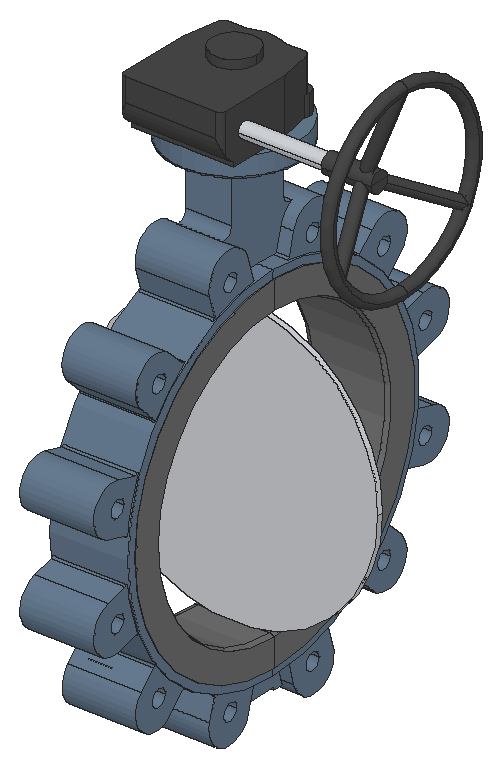
Revit family "Запорно-регулирующая заслонка с ручным редукторным приводом AF-4219", category Rohrzubehör, Revit 2021
Family settings
  Bemaßung runder Anschluss = Durchmesser verwenden
  Teiletyp = Unterbricht
  OmniClass-Nummer = 23.65.55.14
  OmniClass-Titel = Valves for Liquid Services
  Arbeitsebenenbasiert = Nein
  Immer vertikal = Ja
  Beim Laden mit Abzugskörper schneiden = Nein
  Gemeinsam genutzt = Nein
Parameters
  Шпиндель = "Нержавеющая сталь ASTM-A276 / Type 316"  # constant formula
  Фланцевое соединение = "В соответствии с EN1092-2"  # constant formula
  Уплотнение корпуса = "EPDM в соответствии с ISO 1691"  # constant formula
  Среда = "Качество теплоносителя в соответствии с ÖNORM H5195 и/или предписаниями VDI 2035.\r\nРазрешается использование смеси этилен или пропиленгликоля в соотношении 25-50% с водой."
  Область применения = "Применяются в системах тепло- и холодоснабжения."
  Номер заказа [instance] = size_lookup("4219_AF_G", "Artnr", 421911, Nennweite)  # 1421979
  Макс. рабочая температура = 110 °C  # constant formula
  Крутящий момент в Нм [instance] = size_lookup("4219_AF_G", "Nm", 20, Nennweite)  # 350
  Корпус = "Чугун GGG, GJS-400-15/JS1030, в соответствии с EN1563"  # constant formula
  Диск = "Нержавеющая сталь 1.4408"  # constant formula
  Вес [instance] = size_lookup("4219_AF_G", "Gewicht", 3.8, Nennweite)  # 37.6
  Болты [instance] = if(Nennweite = 50 mm, "4x M16x35", if(Nennweite = 65 mm, "4x M16x35", if(Nennweite = 80 mm, "8x M16x35", if(Nennweite = 100 mm, "8x M16x40", if(Nennweite = 125 mm, "8x M16x40", if(Nennweite = 150 mm, "8x M20x40", if(Nennweite = 200 mm, "12x M20x45", if(Nennweite = 250 mm, "12x M24x45", "12x M24x45"))))))))  # "12x M24x45"
  Vorgabe-Ansicht = 0 mm
  URL = "www.herz-armaturen.ru"
  SCTWSEQ = "FW;SBT_TYP_FW=\"101\";2"
  SCTWCODE = "04;07;02"  # constant formula
  SCRNSEQ = "ARM;ARM_TYP=\"ALLF\";2"
  SCRNCODE = "05;13;02"  # constant formula
  R99 = 1.5 mm  # constant formula
  PN [instance] = size_lookup("4219_AF_G", "PN", 16, Nennweite)  # 10
  O-Ring = "EPDM в соответствии с ISO 1691"  # constant formula
  Мин. рабочая температура = "-20.00 °C при соответствующей водно-гликолевой смеси"  # constant formula
  L04 [instance] = L01 - 3.5 mm  # 35.5 mm
  L03 [instance] = L01 + 1.5 mm  # 40.5 mm
  L02 [instance] = size_lookup("4219_AF_G", "L2", 14.5 mm, Nennweite)  # 30.5 mm
  L01 [instance] = size_lookup("4219_AF_G", "L1", 21.5 mm, Nennweite)  # 39 mm
  R01 [instance] = size_lookup("4219_AF_G", "R1", 44 mm, Nennweite)  # 65 mm
  Nennweite [instance] = 300 mm
  Hersteller = "HERZ Armaturen Ges.m.b.H."  # constant formula
  H02 [instance] = size_lookup("4219_AF_G", "H2", 13 mm, Nennweite)  # 20 mm
  H01 [instance] = size_lookup("4219_AF_G", "H1", 125 mm, Nennweite)  # 308 mm
  DN80 [instance] = Nennweite = 80 mm  # no
  DN65 [instance] = Nennweite = 65 mm  # no
  DN50 [instance] = Nennweite = 50 mm  # no
  DN300 [instance] = Nennweite = 300 mm  # yes
  DN250 [instance] = Nennweite = 250 mm  # no
  DN200 [instance] = Nennweite = 200 mm  # no
  DN150 [instance] = Nennweite = 150 mm  # no
  DN125 [instance] = Nennweite = 125 mm  # no
  DN100 [instance] = Nennweite = 100 mm  # no
  D06 [instance] = size_lookup("4219_AF_G", "D6", 25.3 mm, Nennweite)  # 146.5 mm
  D05 [instance] = size_lookup("4219_AF_G", "D5", 24.5 mm, Nennweite)  # 145 mm
  D04 [instance] = D05 + 2 mm  # 147 mm
  D03 [instance] = size_lookup("4219_AF_G", "D3", 35.5 mm, Nennweite)  # 167.5 mm
  D02 [instance] = size_lookup("4219_AF_G", "D2", 41 mm, Nennweite)  # 175 mm
  D01 [instance] = size_lookup("4219_AF_G", "D1", 47 mm, Nennweite)  # 183 mm
Reference planes
  plane 1 "Mitte (Vorne/hinten)": y = 0
  plane 2: z = 0
  plane 3 "Mitte (Links/rechts)": x = 0
Forms (mm)
  Revolve 1, solid, material "Herz-Metall-blau", detail levels fine
    sketch origin (0, 0, 0) x (1, 0, 0) y (0, 0, 1)
      loop
        line (-30.5, 175) -> (-30.5, 167.5) -> (30.5, 167.5) -> (30.5, 175) -> (39, 175) -> (39, 183) -> (-39, 183) -> (-39, 175) -> (-30.5, 175)
      axis (-39, 0) -> (39, 0)
    angle from 0 to 360
  Revolve 2, solid, material "Herz-Metall-blau", detail levels fine
    sketch origin (0, 0, 0) x (1, 0, 0) y (0, 0, 1)
      loop
        line (-65, 308) -> (-65, 289.463)
        arc (-65, 289.463) -> (-64.673, 288.527) -> (-63.833, 288) r 1.5
        line (-63.833, 288) -> (0, 288) -> (0, 308) -> (-65, 308)
      axis (0, 308) -> (0, 288)
    angle from 0 to 360
  Extrusion 3, solid, material "Herz-Metall-blau", visible <- "DN50", detail levels fine
    sketch origin (0, 0, 0) x (0, 1, 0) y (0, 0, 1)
      loop
        line (56.215, -32.173) -> (43.95, -19.909)
        arc (43.95, -19.909) -> (43.387, -18.793) -> (43.596, -17.56) r 2
        arc (43.596, -17.56) -> (33.234, -33.234) -> (17.56, -43.596) r 47
        arc (17.56, -43.596) -> (18.793, -43.387) -> (19.909, -43.95) r 2
        line (19.909, -43.95) -> (32.173, -56.215)
        arc (32.173, -56.215) -> (56.215, -56.215) -> (56.215, -32.173) r 17
      loop
        arc (-56.215, -32.173) -> (-56.215, -56.215) -> (-32.173, -56.215) r 17
        line (-32.173, -56.215) -> (-19.909, -43.95)
        arc (-19.909, -43.95) -> (-18.793, -43.387) -> (-17.56, -43.596) r 2
        arc (-17.56, -43.596) -> (-33.234, -33.234) -> (-43.596, -17.56) r 47
        arc (-43.596, -17.56) -> (-43.387, -18.793) -> (-43.95, -19.909) r 2
        line (-43.95, -19.909) -> (-56.215, -32.173)
      loop
        arc (56.215, 32.173) -> (56.215, 56.215) -> (32.173, 56.215) r 17
        line (32.173, 56.215) -> (19.909, 43.95)
        arc (19.909, 43.95) -> (18.793, 43.387) -> (17.56, 43.596) r 2
        arc (17.56, 43.596) -> (33.234, 33.234) -> (43.596, 17.56) r 47
        arc (43.596, 17.56) -> (43.387, 18.793) -> (43.95, 19.909) r 2
        line (43.95, 19.909) -> (56.215, 32.173)
      loop
        line (-56.215, 32.173) -> (-43.95, 19.909)
        arc (-43.95, 19.909) -> (-43.387, 18.793) -> (-43.596, 17.56) r 2
        arc (-43.596, 17.56) -> (-33.234, 33.234) -> (-17.56, 43.596) r 47
        arc (-17.56, 43.596) -> (-18.793, 43.387) -> (-19.909, 43.95) r 2
        line (-19.909, 43.95) -> (-32.173, 56.215)
        arc (-32.173, 56.215) -> (-56.215, 56.215) -> (-56.215, 32.173) r 17
      loop
        circle (-44.194, 44.194) r 6.92
      loop
        circle (44.194, 44.194) r 6.92
      loop
        circle (44.194, -44.194) r 6.92
      loop
        circle (-44.194, -44.194) r 6.92
    from -19.5 to 19.5
  Extrusion 4, solid, material "Herz-Metall-blau", visible <- "DN50", detail levels fine
    sketch origin (0, 0, 0) x (0, 1, 0) y (0, 0, 1)
      loop
        line (20, 74.845) -> (20, 112) -> (-20, 112) -> (-20, 74.845)
        arc (-20, 74.845) -> (-26.046, 62.811) -> (-39.31, 60.477) r 15
        arc (-39.31, 60.477) -> (-35.477, 58.789) -> (-32.173, 56.215) r 17
        line (-32.173, 56.215) -> (-19.909, 43.95)
        arc (-19.909, 43.95) -> (-18.793, 43.387) -> (-17.56, 43.596) r 2
        arc (-17.56, 43.596) -> (0, 47) -> (17.56, 43.596) r 47
        arc (17.56, 43.596) -> (18.793, 43.387) -> (19.909, 43.95) r 2
        line (19.909, 43.95) -> (32.173, 56.215)
        arc (32.173, 56.215) -> (35.477, 58.789) -> (39.31, 60.477) r 17
        arc (39.31, 60.477) -> (26.046, 62.811) -> (20, 74.845) r 15
    from -15 to 15
  Extrusion 5, solid, material "Herz-Metall-blau", visible <- "DN50"
    sketch origin (0, 0, 0) x (0, 1, 0) y (0, 0, 1)
      loop
        arc (33.834, -58) -> (34.246, -58.062) -> (34.622, -58.243) r 1.4
        arc (34.622, -58.243) -> (33.35, -57.286) -> (32.173, -56.215) r 17
        line (32.173, -56.215) -> (19.909, -43.95)
        arc (19.909, -43.95) -> (18.793, -43.387) -> (17.56, -43.596) r 2
        arc (17.56, -43.596) -> (0, -47) -> (-17.56, -43.596) r 47
        arc (-17.56, -43.596) -> (-18.793, -43.387) -> (-19.909, -43.95) r 2
        line (-19.909, -43.95) -> (-32.173, -56.215)
        arc (-32.173, -56.215) -> (-33.35, -57.286) -> (-34.622, -58.243) r 17
        arc (-34.622, -58.243) -> (-34.246, -58.062) -> (-33.834, -58) r 1.4
        line (-33.834, -58) -> (-16.963, -58)
        arc (-16.963, -58) -> (-15.575, -58.575) -> (-15, -59.963) r 1.963
        line (-15, -59.963) -> (-15, -61) -> (15, -61) -> (15, -59.963)
        arc (15, -59.963) -> (15.575, -58.575) -> (16.963, -58) r 1.963
        line (16.963, -58) -> (33.834, -58)
    from -15 to 15
  Revolve 6, solid, material "Gummi", detail levels fine
    sketch origin (-134.5, 0, 0) x (1, 0, 0) y (0, 0, 1)
      loop
        line (94, 175) -> (94, 147) -> (99, 145) -> (170, 145) -> (175, 147) -> (175, 175) -> (165, 175) -> (165, 167.5) -> (104, 167.5) -> (104, 175) -> (94, 175)
      axis (94, 0) -> (175, 0)
    angle from 0 to 360
  Extrusion 7, solid, detail levels fine
    sketch origin (0, 0, 0) x (1, 0, 0) y (0, 0, 1)
      loop
        circle (0, 0) r 146.5
    from -2.5 to 2.5
  Extrusion 8, solid, material "Herz-Metall-blau", visible <- "DN65", detail levels fine
    sketch origin (0, -300, 0) x (0, 1, 0) y (0, 0, 1)
      loop
        circle (351.265, 51.265) r 6.92
      loop
        arc (363.286, 39.244) -> (363.286, 63.286) -> (339.244, 63.286) r 17
        line (339.244, 63.286) -> (328.595, 52.636)
        arc (328.595, 52.636) -> (327.499, 52.076) -> (326.282, 52.264) r 2
        arc (326.282, 52.264) -> (341.366, 41.366) -> (352.264, 26.282) r 58.501
        arc (352.264, 26.282) -> (352.087, 27.51) -> (352.656, 28.614) r 2.038
        line (352.656, 28.614) -> (363.286, 39.244)
      loop
        circle (351.265, -51.265) r 6.92
      loop
        line (363.286, -39.244) -> (352.656, -28.614)
        arc (352.656, -28.614) -> (352.087, -27.51) -> (352.264, -26.282) r 2.038
        arc (352.264, -26.282) -> (341.366, -41.366) -> (326.282, -52.264) r 58.501
        arc (326.282, -52.264) -> (327.499, -52.076) -> (328.595, -52.636) r 2
        line (328.595, -52.636) -> (339.244, -63.286)
        arc (339.244, -63.286) -> (363.286, -63.286) -> (363.286, -39.244) r 17
      loop
        circle (248.735, 51.265) r 6.92
      loop
        line (236.714, 39.244) -> (247.344, 28.614)
        arc (247.344, 28.614) -> (247.913, 27.51) -> (247.736, 26.282) r 2.038
        arc (247.736, 26.282) -> (258.634, 41.366) -> (273.718, 52.264) r 58.501
        arc (273.718, 52.264) -> (272.501, 52.076) -> (271.405, 52.636) r 2
        line (271.405, 52.636) -> (260.756, 63.286)
        arc (260.756, 63.286) -> (236.714, 63.286) -> (236.714, 39.244) r 17
      loop
        circle (248.735, -51.265) r 6.92
      loop
        arc (236.714, -39.244) -> (236.714, -63.286) -> (260.756, -63.286) r 17
        line (260.756, -63.286) -> (271.405, -52.636)
        arc (271.405, -52.636) -> (272.501, -52.076) -> (273.718, -52.264) r 2
        arc (273.718, -52.264) -> (258.634, -41.366) -> (247.736, -26.282) r 58.501
        arc (247.736, -26.282) -> (247.913, -27.51) -> (247.344, -28.614) r 2.038
        line (247.344, -28.614) -> (236.714, -39.244)
    from -21 to 21
  Extrusion 9, solid, material "Herz-Metall-blau", visible <- "DN65", detail levels fine
    sketch origin (0, -300, 0) x (0, 1, 0) y (0, 0, 1)
      loop
        line (278, 136.5) -> (278, 78.286)
        arc (278, 78.286) -> (272.889, 69.099) -> (263, 65.53) r 14.984
        line (263, 65.53) -> (257.982, 65.53)
        arc (257.982, 65.53) -> (259.428, 64.481) -> (260.756, 63.286) r 17
        line (260.756, 63.286) -> (271.405, 52.636)
        arc (271.405, 52.636) -> (272.501, 52.076) -> (273.718, 52.264) r 2
        arc (273.718, 52.264) -> (300, 58.5) -> (326.282, 52.264) r 58.5
        arc (326.282, 52.264) -> (327.499, 52.076) -> (328.595, 52.636) r 2
        line (328.595, 52.636) -> (339.244, 63.286)
        arc (339.244, 63.286) -> (340.572, 64.481) -> (342.018, 65.53) r 17
        line (342.018, 65.53) -> (337, 65.53)
        arc (337, 65.53) -> (327.111, 69.099) -> (322, 78.286) r 14.984
        line (322, 78.286) -> (322, 136.5) -> (278, 136.5)
      loop
        arc (260.756, -63.286) -> (259.428, -64.481) -> (257.982, -65.53) r 17
        line (257.982, -65.53) -> (280.029, -65.53)
        arc (280.029, -65.53) -> (281.423, -66.108) -> (282, -67.501) r 1.971
        line (282, -67.501) -> (282, -74) -> (318, -74) -> (318, -67.527)
        arc (318, -67.527) -> (318.585, -66.115) -> (319.997, -65.53) r 1.997
        line (319.997, -65.53) -> (342.018, -65.53)
        arc (342.018, -65.53) -> (340.572, -64.481) -> (339.244, -63.286) r 17
        line (339.244, -63.286) -> (328.595, -52.636)
        arc (328.595, -52.636) -> (327.499, -52.076) -> (326.282, -52.264) r 2
        arc (326.282, -52.264) -> (300, -58.5) -> (273.718, -52.264) r 58.5
        arc (273.718, -52.264) -> (272.501, -52.076) -> (271.405, -52.636) r 2
        line (271.405, -52.636) -> (260.756, -63.286)
    from -18 to 18
  Extrusion 10, solid, material "Herz-Metall-blau", visible <- "DN80", detail levels fine
    sketch origin (0, -300, 0) x (0, 1, 0) y (0, 0, 1)
      loop
        circle (269.385, 73.91) r 6.92
      loop
        arc (285.091, 80.416) -> (262.88, 89.616) -> (253.679, 67.405) r 17
        line (253.679, 67.405) -> (259.513, 53.322)
        arc (259.513, 53.322) -> (259.602, 52.073) -> (258.924, 51.02) r 1.982
        arc (258.924, 51.02) -> (274.934, 60.514) -> (292.968, 65.121) r 65.5
        arc (292.968, 65.121) -> (291.745, 65.388) -> (290.924, 66.335) r 1.984
        line (290.924, 66.335) -> (285.091, 80.416)
      loop
        circle (226.09, 30.615) r 6.92
      loop
        line (219.584, 14.909) -> (233.665, 9.076)
        arc (233.665, 9.076) -> (234.612, 8.255) -> (234.879, 7.032) r 1.984
        arc (234.879, 7.032) -> (239.486, 25.066) -> (248.98, 41.076) r 65.5
        arc (248.98, 41.076) -> (247.927, 40.398) -> (246.678, 40.487) r 1.982
        line (246.678, 40.487) -> (232.595, 46.321)
        arc (232.595, 46.321) -> (210.384, 37.12) -> (219.584, 14.909) r 17
      loop
        circle (269.385, -73.91) r 6.92
      loop
        line (285.091, -80.416) -> (290.924, -66.335)
        arc (290.924, -66.335) -> (291.745, -65.388) -> (292.968, -65.121) r 1.984
        arc (292.968, -65.121) -> (274.934, -60.514) -> (258.924, -51.02) r 65.5
        arc (258.924, -51.02) -> (259.602, -52.073) -> (259.513, -53.322) r 1.982
        line (259.513, -53.322) -> (253.679, -67.405)
        arc (253.679, -67.405) -> (262.88, -89.616) -> (285.091, -80.416) r 17
      loop
        circle (226.09, -30.615) r 6.92
      loop
        arc (219.584, -14.909) -> (210.384, -37.12) -> (232.595, -46.321) r 17
        line (232.595, -46.321) -> (246.678, -40.487)
        arc (246.678, -40.487) -> (247.927, -40.398) -> (248.98, -41.076) r 1.982
        arc (248.98, -41.076) -> (239.486, -25.066) -> (234.879, -7.032) r 65.5
        arc (234.879, -7.032) -> (234.612, -8.255) -> (233.665, -9.076) r 1.984
        line (233.665, -9.076) -> (219.584, -14.909)
      loop
        circle (330.615, 73.91) r 6.92
      loop
        line (314.909, 80.416) -> (309.076, 66.335)
        arc (309.076, 66.335) -> (308.255, 65.388) -> (307.032, 65.121) r 1.984
        arc (307.032, 65.121) -> (325.066, 60.514) -> (341.076, 51.02) r 65.5
        arc (341.076, 51.02) -> (340.398, 52.073) -> (340.487, 53.322) r 1.982
        line (340.487, 53.322) -> (346.321, 67.405)
        arc (346.321, 67.405) -> (337.12, 89.616) -> (314.909, 80.416) r 17
      loop
        circle (373.91, 30.615) r 6.92
      loop
        arc (380.416, 14.909) -> (389.616, 37.12) -> (367.405, 46.321) r 17
        line (367.405, 46.321) -> (353.322, 40.487)
        arc (353.322, 40.487) -> (352.073, 40.398) -> (351.02, 41.076) r 1.982
        arc (351.02, 41.076) -> (360.514, 25.066) -> (365.121, 7.032) r 65.5
        arc (365.121, 7.032) -> (365.388, 8.255) -> (366.335, 9.076) r 1.984
        line (366.335, 9.076) -> (380.416, 14.909)
      loop
        circle (330.615, -73.91) r 6.92
      loop
        arc (314.909, -80.416) -> (337.12, -89.616) -> (346.321, -67.405) r 17
        line (346.321, -67.405) -> (340.487, -53.322)
        arc (340.487, -53.322) -> (340.398, -52.073) -> (341.076, -51.02) r 1.982
        arc (341.076, -51.02) -> (325.066, -60.514) -> (307.032, -65.121) r 65.5
        arc (307.032, -65.121) -> (308.255, -65.388) -> (309.076, -66.335) r 1.984
        line (309.076, -66.335) -> (314.909, -80.416)
      loop
        circle (373.91, -30.615) r 6.92
      loop
        line (380.416, -14.909) -> (366.335, -9.076)
        arc (366.335, -9.076) -> (365.388, -8.255) -> (365.121, -7.032) r 1.984
        arc (365.121, -7.032) -> (360.514, -25.066) -> (351.02, -41.076) r 65.5
        arc (351.02, -41.076) -> (352.073, -40.398) -> (353.322, -40.487) r 1.982
        line (353.322, -40.487) -> (367.405, -46.321)
        arc (367.405, -46.321) -> (389.616, -37.12) -> (380.416, -14.909) r 17
    from -21 to 21
  Extrusion 11, solid, material "Herz-Metall-blau", visible <- "DN80", detail levels fine
    sketch origin (0, -300, 0) x (0, 1, 0) y (0, 0, 1)
      loop
        line (278, 143.5) -> (278, 100.814)
        arc (278, 100.814) -> (275.545, 94.251) -> (269.385, 90.91) r 10
        arc (269.385, 90.91) -> (278.83, 88.045) -> (285.091, 80.416) r 17
        line (285.091, 80.416) -> (290.924, 66.335)
        arc (290.924, 66.335) -> (291.744, 65.388) -> (292.968, 65.121) r 1.984
        arc (292.968, 65.121) -> (300, 65.497) -> (307.032, 65.121) r 66.05
        arc (307.032, 65.121) -> (308.256, 65.388) -> (309.076, 66.335) r 1.984
        line (309.076, 66.335) -> (314.909, 80.416)
        arc (314.909, 80.416) -> (321.17, 88.045) -> (330.615, 90.91) r 17
        arc (330.615, 90.91) -> (324.455, 94.251) -> (322, 100.814) r 10
        line (322, 100.814) -> (322, 143.5) -> (278, 143.5)
      loop
        line (285.091, -80.416) -> (286.5, -80.946) -> (313.5, -80.946) -> (314.89, -80.371) -> (309.076, -66.335)
        arc (309.076, -66.335) -> (308.256, -65.388) -> (307.032, -65.121) r 1.984
        arc (307.032, -65.121) -> (300, -65.497) -> (292.968, -65.121) r 66.05
        arc (292.968, -65.121) -> (291.744, -65.388) -> (290.924, -66.335) r 1.984
        line (290.924, -66.335) -> (285.091, -80.416)
    from -18.5 to 18.5
  Extrusion 12, solid, material "Herz-Metall-blau", visible <- "DN100", detail levels fine
    sketch origin (0, -300, 0) x (0, 1, 0) y (0, 0, 1)
      loop
        circle (265.558, 83.149) r 6.92
      loop
        arc (281.264, 89.655) -> (259.053, 98.855) -> (249.853, 76.644) r 17
        line (249.853, 76.644) -> (255.731, 62.451)
        arc (255.731, 62.451) -> (255.813, 61.14) -> (255.074, 60.055) r 2.025
        arc (255.074, 60.055) -> (271.3, 69.291) -> (289.305, 74.233) r 75
        arc (289.305, 74.233) -> (288.012, 74.478) -> (287.142, 75.464) r 2.027
        line (287.142, 75.464) -> (281.264, 89.655)
      loop
        circle (216.851, 34.442) r 6.92
      loop
        line (210.345, 18.736) -> (224.536, 12.858)
        arc (224.536, 12.858) -> (225.522, 11.988) -> (225.767, 10.695) r 2.027
        arc (225.767, 10.695) -> (230.709, 28.7) -> (239.945, 44.926) r 75
        arc (239.945, 44.926) -> (238.86, 44.187) -> (237.549, 44.269) r 2.025
        line (237.549, 44.269) -> (223.356, 50.147)
        arc (223.356, 50.147) -> (201.145, 40.947) -> (210.345, 18.736) r 17
      loop
        circle (265.558, -83.149) r 6.92
      loop
        line (281.264, -89.655) -> (287.142, -75.464)
        arc (287.142, -75.464) -> (288.012, -74.478) -> (289.305, -74.233) r 2.027
        arc (289.305, -74.233) -> (271.3, -69.291) -> (255.074, -60.055) r 75
        arc (255.074, -60.055) -> (255.813, -61.14) -> (255.731, -62.451) r 2.025
        line (255.731, -62.451) -> (249.853, -76.644)
        arc (249.853, -76.644) -> (259.053, -98.855) -> (281.264, -89.655) r 17
      loop
        circle (216.851, -34.442) r 6.92
      loop
        arc (210.345, -18.736) -> (201.145, -40.947) -> (223.356, -50.147) r 17
        line (223.356, -50.147) -> (237.549, -44.269)
        arc (237.549, -44.269) -> (238.86, -44.187) -> (239.945, -44.926) r 2.025
        arc (239.945, -44.926) -> (230.709, -28.7) -> (225.767, -10.695) r 75
        arc (225.767, -10.695) -> (225.522, -11.988) -> (224.536, -12.858) r 2.027
        line (224.536, -12.858) -> (210.345, -18.736)
      loop
        circle (334.442, 83.149) r 6.92
      loop
        line (318.736, 89.655) -> (312.858, 75.464)
        arc (312.858, 75.464) -> (311.988, 74.478) -> (310.695, 74.233) r 2.027
        arc (310.695, 74.233) -> (328.7, 69.291) -> (344.926, 60.055) r 75
        arc (344.926, 60.055) -> (344.187, 61.14) -> (344.269, 62.451) r 2.025
        line (344.269, 62.451) -> (350.147, 76.644)
        arc (350.147, 76.644) -> (340.947, 98.855) -> (318.736, 89.655) r 17
      loop
        circle (383.149, 34.442) r 6.92
      loop
        arc (389.655, 18.736) -> (398.855, 40.947) -> (376.644, 50.147) r 17
        line (376.644, 50.147) -> (362.451, 44.269)
        arc (362.451, 44.269) -> (361.14, 44.187) -> (360.055, 44.926) r 2.025
        arc (360.055, 44.926) -> (369.291, 28.7) -> (374.233, 10.695) r 75
        arc (374.233, 10.695) -> (374.478, 11.988) -> (375.464, 12.858) r 2.027
        line (375.464, 12.858) -> (389.655, 18.736)
      loop
        circle (334.442, -83.149) r 6.92
      loop
        arc (318.736, -89.655) -> (340.947, -98.855) -> (350.147, -76.644) r 17
        line (350.147, -76.644) -> (344.269, -62.451)
        arc (344.269, -62.451) -> (344.187, -61.14) -> (344.926, -60.055) r 2.025
        arc (344.926, -60.055) -> (328.7, -69.291) -> (310.695, -74.233) r 75
        arc (310.695, -74.233) -> (311.988, -74.478) -> (312.858, -75.464) r 2.027
        line (312.858, -75.464) -> (318.736, -89.655)
      loop
        circle (383.149, -34.442) r 6.92
      loop
        line (389.655, -18.736) -> (375.464, -12.858)
        arc (375.464, -12.858) -> (374.478, -11.988) -> (374.233, -10.695) r 2.027
        arc (374.233, -10.695) -> (369.291, -28.7) -> (360.055, -44.926) r 75
        arc (360.055, -44.926) -> (361.14, -44.187) -> (362.451, -44.269) r 2.025
        line (362.451, -44.269) -> (376.644, -50.147)
        arc (376.644, -50.147) -> (398.855, -40.947) -> (389.655, -18.736) r 17
    from -24 to 24
  Extrusion 13, solid, material "Herz-Metall-blau", visible <- "DN100", detail levels fine
    sketch origin (0, -300, 0) x (0, 1, 0) y (0, 0, 1)
      loop
        line (274, 167) -> (274, 114.47)
        arc (274, 114.47) -> (270.644, 105.014) -> (262.078, 99.789) r 15
        arc (262.078, 99.789) -> (273.498, 98.181) -> (281.264, 89.655) r 17
        line (281.264, 89.655) -> (287.142, 75.464)
        arc (287.142, 75.464) -> (288.012, 74.478) -> (289.305, 74.233) r 2.027
        arc (289.305, 74.233) -> (300, 75) -> (310.695, 74.233) r 75
        arc (310.695, 74.233) -> (311.988, 74.478) -> (312.858, 75.464) r 2.027
        line (312.858, 75.464) -> (318.736, 89.655)
        arc (318.736, 89.655) -> (326.502, 98.181) -> (337.922, 99.789) r 17
        arc (337.922, 99.789) -> (329.356, 105.014) -> (326, 114.47) r 15
        line (326, 114.47) -> (326, 167) -> (274, 167)
      loop
        line (286.5, -93) -> (313.5, -93) -> (313.5, -96) -> (323.312, -96)
        arc (323.312, -96) -> (320.654, -93.094) -> (318.736, -89.655) r 17
        line (318.736, -89.655) -> (312.858, -75.464)
        arc (312.858, -75.464) -> (311.988, -74.478) -> (310.695, -74.233) r 2.027
        arc (310.695, -74.233) -> (300, -75) -> (289.305, -74.233) r 75
        arc (289.305, -74.233) -> (288.012, -74.478) -> (287.142, -75.464) r 2.027
        line (287.142, -75.464) -> (281.264, -89.655)
        arc (281.264, -89.655) -> (279.346, -93.094) -> (276.688, -96) r 17
        line (276.688, -96) -> (286.5, -96) -> (286.5, -93)
    from -18 to 18
  Extrusion 14, solid, material "Herz-Metall-blau", visible <- "DN125", detail levels fine
    sketch origin (0, -300, 0) x (0, 1, 0) y (0, 0, 1)
      loop
        circle (259.818, 97.007) r 6.92
      loop
        arc (275.524, 103.513) -> (253.313, 112.713) -> (244.112, 90.502) r 17
        line (244.112, 90.502) -> (249.217, 78.179)
        arc (249.217, 78.179) -> (249.286, 76.825) -> (248.485, 75.731) r 2.023
        arc (248.485, 75.731) -> (264.902, 84.594) -> (282.772, 89.957) r 91.852
        arc (282.772, 89.957) -> (281.505, 90.18) -> (280.649, 91.141) r 1.958
        line (280.649, 91.141) -> (275.524, 103.513)
      loop
        circle (202.993, 40.182) r 6.92
      loop
        line (196.487, 24.476) -> (208.859, 19.351)
        arc (208.859, 19.351) -> (209.82, 18.495) -> (210.043, 17.228) r 1.958
        arc (210.043, 17.228) -> (215.406, 35.098) -> (224.269, 51.515) r 91.852
        arc (224.269, 51.515) -> (223.175, 50.714) -> (221.821, 50.783) r 2.023
        line (221.821, 50.783) -> (209.498, 55.888)
        arc (209.498, 55.888) -> (187.287, 46.687) -> (196.487, 24.476) r 17
      loop
        circle (259.818, -97.007) r 6.92
      loop
        line (275.524, -103.513) -> (280.649, -91.141)
        arc (280.649, -91.141) -> (281.505, -90.18) -> (282.772, -89.957) r 1.958
        arc (282.772, -89.957) -> (264.902, -84.594) -> (248.485, -75.731) r 91.852
        arc (248.485, -75.731) -> (249.286, -76.825) -> (249.217, -78.179) r 2.023
        line (249.217, -78.179) -> (244.112, -90.502)
        arc (244.112, -90.502) -> (253.313, -112.713) -> (275.524, -103.513) r 17
      loop
        circle (202.993, -40.182) r 6.92
      loop
        arc (196.487, -24.476) -> (187.287, -46.687) -> (209.498, -55.888) r 17
        line (209.498, -55.888) -> (221.821, -50.783)
        arc (221.821, -50.783) -> (223.175, -50.714) -> (224.269, -51.515) r 2.023
        arc (224.269, -51.515) -> (215.406, -35.098) -> (210.043, -17.228) r 91.852
        arc (210.043, -17.228) -> (209.82, -18.495) -> (208.859, -19.351) r 1.958
        line (208.859, -19.351) -> (196.487, -24.476)
      loop
        circle (340.182, 97.007) r 6.92
      loop
        line (324.476, 103.513) -> (319.351, 91.141)
        arc (319.351, 91.141) -> (318.495, 90.18) -> (317.228, 89.957) r 1.958
        arc (317.228, 89.957) -> (335.098, 84.594) -> (351.515, 75.731) r 91.852
        arc (351.515, 75.731) -> (350.714, 76.825) -> (350.783, 78.179) r 2.023
        line (350.783, 78.179) -> (355.888, 90.502)
        arc (355.888, 90.502) -> (346.687, 112.713) -> (324.476, 103.513) r 17
      loop
        circle (397.007, 40.182) r 6.92
      loop
        arc (403.513, 24.476) -> (412.713, 46.687) -> (390.502, 55.888) r 17
        line (390.502, 55.888) -> (378.179, 50.783)
        arc (378.179, 50.783) -> (376.825, 50.714) -> (375.731, 51.515) r 2.023
        arc (375.731, 51.515) -> (384.594, 35.098) -> (389.957, 17.228) r 91.852
        arc (389.957, 17.228) -> (390.18, 18.495) -> (391.141, 19.351) r 1.958
        line (391.141, 19.351) -> (403.513, 24.476)
      loop
        circle (340.182, -97.007) r 6.92
      loop
        arc (324.476, -103.513) -> (346.687, -112.713) -> (355.888, -90.502) r 17
        line (355.888, -90.502) -> (350.783, -78.179)
        arc (350.783, -78.179) -> (350.714, -76.825) -> (351.515, -75.731) r 2.023
        arc (351.515, -75.731) -> (335.098, -84.594) -> (317.228, -89.957) r 91.852
        arc (317.228, -89.957) -> (318.495, -90.18) -> (319.351, -91.141) r 1.958
        line (319.351, -91.141) -> (324.476, -103.513)
      loop
        circle (397.007, -40.182) r 6.92
      loop
        line (403.513, -24.476) -> (391.141, -19.351)
        arc (391.141, -19.351) -> (390.18, -18.495) -> (389.957, -17.228) r 1.958
        arc (389.957, -17.228) -> (384.594, -35.098) -> (375.731, -51.515) r 91.852
        arc (375.731, -51.515) -> (376.825, -50.714) -> (378.179, -50.783) r 2.023
        line (378.179, -50.783) -> (390.502, -55.888)
        arc (390.502, -55.888) -> (412.713, -46.687) -> (403.513, -24.476) r 17
    from -26 to 26
  Extrusion 15, solid, material "Herz-Metall-blau", visible <- "DN125", detail levels fine
    sketch origin (0, -300, 0) x (0, 1, 0) y (0, 0, 1)
      loop
        line (273.999, 186) -> (273.95, 123.689)
        arc (273.95, 123.689) -> (270.458, 116.096) -> (262.42, 113.807) r 10
        arc (262.42, 113.807) -> (270.32, 110.376) -> (275.524, 103.513) r 17
        line (275.524, 103.513) -> (280.649, 91.141)
        arc (280.649, 91.141) -> (281.528, 90.167) -> (282.825, 89.967) r 1.958
        arc (282.825, 89.967) -> (299.999, 91.589) -> (317.173, 89.967) r 91.7
        arc (317.173, 89.967) -> (318.469, 90.167) -> (319.348, 91.141) r 1.958
        line (319.348, 91.141) -> (324.473, 103.513)
        arc (324.473, 103.513) -> (329.677, 110.376) -> (337.577, 113.807) r 17
        arc (337.577, 113.807) -> (329.539, 116.096) -> (325.999, 123.689) r 10
        line (325.999, 123.689) -> (325.999, 186) -> (273.999, 186)
      loop
        line (286.499, -110.51) -> (313.499, -110.51) -> (313.499, -113.51) -> (336.099, -113.51)
        arc (336.099, -113.51) -> (329.095, -109.897) -> (324.473, -103.513) r 17
        line (324.473, -103.513) -> (319.348, -91.141)
        arc (319.348, -91.141) -> (318.469, -90.167) -> (317.173, -89.967) r 1.958
        arc (317.173, -89.967) -> (299.999, -91.589) -> (282.825, -89.967) r 91.7
        arc (282.825, -89.967) -> (281.528, -90.167) -> (280.649, -91.141) r 1.958
        line (280.649, -91.141) -> (275.524, -103.513)
        arc (275.524, -103.513) -> (270.902, -109.897) -> (263.898, -113.51) r 17
        line (263.898, -113.51) -> (286.499, -113.51) -> (286.499, -110.51)
    from -18 to 18
  Extrusion 16, solid, material "Herz-Metall-blau", visible <- "DN150", detail levels fine
    sketch origin (0, -300, 0) x (0, 1, 0) y (0, 0, 1)
      loop
        circle (254.078, 110.866) r 8.645
      loop
        arc (273.479, 118.902) -> (246.042, 130.267) -> (234.677, 102.829) r 21
        line (234.677, 102.829) -> (241.591, 86.136)
        arc (241.591, 86.136) -> (241.664, 84.82) -> (240.899, 83.746) r 1.993
        arc (240.899, 83.746) -> (260.776, 94.698) -> (282.575, 101.008) r 102.504
        arc (282.575, 101.008) -> (281.263, 101.248) -> (280.379, 102.246) r 2.042
        line (280.379, 102.246) -> (273.479, 118.902)
      loop
        circle (189.134, 45.922) r 8.645
      loop
        line (181.098, 26.521) -> (197.754, 19.621)
        arc (197.754, 19.621) -> (198.752, 18.737) -> (198.992, 17.425) r 2.042
        arc (198.992, 17.425) -> (205.302, 39.224) -> (216.254, 59.101) r 102.504
        arc (216.254, 59.101) -> (215.18, 58.336) -> (213.864, 58.409) r 1.993
        line (213.864, 58.409) -> (197.171, 65.323)
        arc (197.171, 65.323) -> (169.733, 53.958) -> (181.098, 26.521) r 21
      loop
        circle (254.078, -110.866) r 8.645
      loop
        line (273.479, -118.902) -> (280.379, -102.246)
        arc (280.379, -102.246) -> (281.263, -101.248) -> (282.575, -101.008) r 2.042
        arc (282.575, -101.008) -> (260.776, -94.698) -> (240.899, -83.746) r 102.504
        arc (240.899, -83.746) -> (241.664, -84.82) -> (241.591, -86.136) r 1.993
        line (241.591, -86.136) -> (234.677, -102.829)
        arc (234.677, -102.829) -> (246.042, -130.267) -> (273.479, -118.902) r 21
      loop
        circle (189.134, -45.922) r 8.645
      loop
        arc (181.098, -26.521) -> (169.733, -53.958) -> (197.171, -65.323) r 21
        line (197.171, -65.323) -> (213.864, -58.409)
        arc (213.864, -58.409) -> (215.18, -58.336) -> (216.254, -59.101) r 1.993
        arc (216.254, -59.101) -> (205.302, -39.224) -> (198.992, -17.425) r 102.504
        arc (198.992, -17.425) -> (198.752, -18.737) -> (197.754, -19.621) r 2.042
        line (197.754, -19.621) -> (181.098, -26.521)
      loop
        circle (345.922, 110.866) r 8.645
      loop
        line (326.521, 118.902) -> (319.621, 102.246)
        arc (319.621, 102.246) -> (318.737, 101.248) -> (317.425, 101.008) r 2.042
        arc (317.425, 101.008) -> (339.224, 94.698) -> (359.101, 83.746) r 102.504
        arc (359.101, 83.746) -> (358.336, 84.82) -> (358.409, 86.136) r 1.993
        line (358.409, 86.136) -> (365.323, 102.829)
        arc (365.323, 102.829) -> (353.958, 130.267) -> (326.521, 118.902) r 21
      loop
        circle (410.866, 45.922) r 8.645
      loop
        arc (418.902, 26.521) -> (430.267, 53.958) -> (402.829, 65.323) r 21
        line (402.829, 65.323) -> (386.136, 58.409)
        arc (386.136, 58.409) -> (384.82, 58.336) -> (383.746, 59.101) r 1.993
        arc (383.746, 59.101) -> (394.698, 39.224) -> (401.008, 17.425) r 102.504
        arc (401.008, 17.425) -> (401.248, 18.737) -> (402.246, 19.621) r 2.042
        line (402.246, 19.621) -> (418.902, 26.521)
      loop
        circle (345.922, -110.866) r 8.645
      loop
        arc (326.521, -118.902) -> (353.958, -130.267) -> (365.323, -102.829) r 21
        line (365.323, -102.829) -> (358.409, -86.136)
        arc (358.409, -86.136) -> (358.336, -84.82) -> (359.101, -83.746) r 1.993
        arc (359.101, -83.746) -> (339.224, -94.698) -> (317.425, -101.008) r 102.504
        arc (317.425, -101.008) -> (318.737, -101.248) -> (319.621, -102.246) r 2.042
        line (319.621, -102.246) -> (326.521, -118.902)
      loop
        circle (410.866, -45.922) r 8.645
      loop
        line (418.902, -26.521) -> (402.246, -19.621)
        arc (402.246, -19.621) -> (401.248, -18.737) -> (401.008, -17.425) r 2.042
        arc (401.008, -17.425) -> (394.698, -39.224) -> (383.746, -59.101) r 102.504
        arc (383.746, -59.101) -> (384.82, -58.336) -> (386.136, -58.409) r 1.993
        line (386.136, -58.409) -> (402.829, -65.323)
        arc (402.829, -65.323) -> (430.267, -53.958) -> (418.902, -26.521) r 21
    from -26 to 26
  Extrusion 17, solid, material "Herz-Metall-blau", visible <- "DN150", detail levels fine
    sketch origin (0, -300, 0) x (0, 1, 0) y (0, 0, 1)
      loop
        line (274, 199) -> (274, 135)
        arc (274, 135) -> (272.527, 129.776) -> (268.541, 126.091) r 10
        arc (268.541, 126.091) -> (271.388, 122.755) -> (273.479, 118.902) r 21
        line (273.479, 118.902) -> (280.379, 102.246)
        arc (280.379, 102.246) -> (281.28, 101.239) -> (282.612, 101.014) r 2.042
        arc (282.612, 101.014) -> (300, 102.5) -> (317.388, 101.014) r 102.5
        arc (317.388, 101.014) -> (318.72, 101.239) -> (319.621, 102.246) r 2.042
        line (319.621, 102.246) -> (326.521, 118.902)
        arc (326.521, 118.902) -> (328.612, 122.755) -> (331.459, 126.091) r 21
        arc (331.459, 126.091) -> (327.473, 129.776) -> (326, 135) r 10
        line (326, 135) -> (326, 199) -> (274, 199)
      loop
        line (286.5, -122.5) -> (313.5, -122.5) -> (313.5, -125.5) -> (330.861, -125.5)
        arc (330.861, -125.5) -> (328.378, -122.407) -> (326.521, -118.902) r 21
        line (326.521, -118.902) -> (319.621, -102.246)
        arc (319.621, -102.246) -> (318.72, -101.239) -> (317.388, -101.014) r 2.042
        arc (317.388, -101.014) -> (300, -102.5) -> (282.612, -101.014) r 102.5
        arc (282.612, -101.014) -> (281.28, -101.239) -> (280.379, -102.246) r 2.042
        line (280.379, -102.246) -> (273.479, -118.902)
        arc (273.479, -118.902) -> (271.622, -122.407) -> (269.139, -125.5) r 21
        line (269.139, -125.5) -> (286.5, -125.5) -> (286.5, -122.5)
    from -18 to 18
  Extrusion 18, solid, material "Herz-Metall-blau", visible <- "DN200", detail levels fine
    sketch origin (0, -400, 0) x (0, 1, 0) y (0, 0, 1)
      loop
        circle (361.824, 142.474) r 8.645
      loop
        arc (382.109, 147.909) -> (356.389, 162.759) -> (341.54, 137.039) r 21
        line (341.54, 137.039) -> (345.801, 121.136)
        arc (345.801, 121.136) -> (345.679, 119.74) -> (344.688, 118.75) r 2.048
        arc (344.688, 118.75) -> (366.062, 126.527) -> (388.459, 130.491) r 131
        arc (388.459, 130.491) -> (387.159, 130.838) -> (386.388, 131.939) r 1.965
        line (386.388, 131.939) -> (382.109, 147.909)
      loop
        circle (257.526, 38.176) r 8.645
      loop
        line (252.091, 17.891) -> (268.061, 13.612)
        arc (268.061, 13.612) -> (269.162, 12.841) -> (269.509, 11.541) r 1.965
        arc (269.509, 11.541) -> (273.473, 33.938) -> (281.25, 55.312) r 131
        arc (281.25, 55.312) -> (280.26, 54.321) -> (278.864, 54.199) r 2.048
        line (278.864, 54.199) -> (262.961, 58.46)
        arc (262.961, 58.46) -> (237.241, 43.611) -> (252.091, 17.891) r 21
      loop
        circle (295.702, 104.298) r 8.645
      loop
        line (280.853, 89.449) -> (292.543, 77.758)
        arc (292.543, 77.758) -> (293.111, 76.539) -> (292.762, 75.24) r 1.965
        arc (292.762, 75.24) -> (307.393, 92.655) -> (324.816, 107.277) r 131
        arc (324.816, 107.277) -> (323.463, 106.914) -> (322.193, 107.506) r 2.048
        line (322.193, 107.506) -> (310.551, 119.147)
        arc (310.551, 119.147) -> (280.853, 119.147) -> (280.853, 89.449) r 21
      loop
        circle (361.824, -142.474) r 8.645
      loop
        line (382.109, -147.909) -> (386.388, -131.939)
        arc (386.388, -131.939) -> (387.159, -130.838) -> (388.459, -130.491) r 1.965
        arc (388.459, -130.491) -> (366.062, -126.527) -> (344.688, -118.75) r 131
        arc (344.688, -118.75) -> (345.679, -119.74) -> (345.801, -121.136) r 2.048
        line (345.801, -121.136) -> (341.54, -137.039)
        arc (341.54, -137.039) -> (356.389, -162.759) -> (382.109, -147.909) r 21
      loop
        circle (257.526, -38.176) r 8.645
      loop
        arc (252.091, -17.891) -> (237.241, -43.611) -> (262.961, -58.46) r 21
        line (262.961, -58.46) -> (278.864, -54.199)
        arc (278.864, -54.199) -> (280.26, -54.321) -> (281.25, -55.312) r 2.048
        arc (281.25, -55.312) -> (273.473, -33.938) -> (269.509, -11.541) r 131
        arc (269.509, -11.541) -> (269.162, -12.841) -> (268.061, -13.612) r 1.965
        line (268.061, -13.612) -> (252.091, -17.891)
      loop
        circle (295.702, -104.298) r 8.645
      loop
        arc (280.853, -89.449) -> (280.853, -119.147) -> (310.551, -119.147) r 21
        line (310.551, -119.147) -> (322.193, -107.506)
        arc (322.193, -107.506) -> (323.463, -106.914) -> (324.816, -107.277) r 2.048
        arc (324.816, -107.277) -> (307.393, -92.655) -> (292.762, -75.24) r 131
        arc (292.762, -75.24) -> (293.111, -76.539) -> (292.543, -77.758) r 1.965
        line (292.543, -77.758) -> (280.853, -89.449)
      loop
        circle (438.176, 142.474) r 8.645
      loop
        line (417.891, 147.909) -> (413.612, 131.939)
        arc (413.612, 131.939) -> (412.841, 130.838) -> (411.541, 130.491) r 1.965
        arc (411.541, 130.491) -> (433.938, 126.527) -> (455.312, 118.75) r 131
        arc (455.312, 118.75) -> (454.321, 119.74) -> (454.199, 121.136) r 2.048
        line (454.199, 121.136) -> (458.46, 137.039)
        arc (458.46, 137.039) -> (443.611, 162.759) -> (417.891, 147.909) r 21
      loop
        circle (542.474, 38.176) r 8.645
      loop
        arc (547.909, 17.891) -> (562.759, 43.611) -> (537.039, 58.46) r 21
        line (537.039, 58.46) -> (521.136, 54.199)
        arc (521.136, 54.199) -> (519.74, 54.321) -> (518.75, 55.312) r 2.048
        arc (518.75, 55.312) -> (526.527, 33.938) -> (530.491, 11.541) r 131
        arc (530.491, 11.541) -> (530.838, 12.841) -> (531.939, 13.612) r 1.965
        line (531.939, 13.612) -> (547.909, 17.891)
      loop
        circle (504.298, 104.298) r 8.645
      loop
        arc (519.147, 89.449) -> (519.147, 119.147) -> (489.449, 119.147) r 21
        line (489.449, 119.147) -> (477.807, 107.506)
        arc (477.807, 107.506) -> (476.537, 106.914) -> (475.184, 107.277) r 2.048
        arc (475.184, 107.277) -> (492.607, 92.655) -> (507.238, 75.24) r 131
        arc (507.238, 75.24) -> (506.889, 76.539) -> (507.457, 77.758) r 1.965
        line (507.457, 77.758) -> (519.147, 89.449)
      loop
        circle (438.176, -142.474) r 8.645
      loop
        arc (417.891, -147.909) -> (443.611, -162.759) -> (458.46, -137.039) r 21
        line (458.46, -137.039) -> (454.199, -121.136)
        arc (454.199, -121.136) -> (454.321, -119.74) -> (455.312, -118.75) r 2.048
        arc (455.312, -118.75) -> (433.938, -126.527) -> (411.541, -130.491) r 131
        arc (411.541, -130.491) -> (412.841, -130.838) -> (413.612, -131.939) r 1.965
        line (413.612, -131.939) -> (417.891, -147.909)
      loop
        circle (542.474, -38.176) r 8.645
      loop
        line (547.909, -17.891) -> (531.939, -13.612)
        arc (531.939, -13.612) -> (530.838, -12.841) -> (530.491, -11.541) r 1.965
        arc (530.491, -11.541) -> (526.527, -33.938) -> (518.75, -55.312) r 131
        arc (518.75, -55.312) -> (519.74, -54.321) -> (521.136, -54.199) r 2.048
        line (521.136, -54.199) -> (537.039, -58.46)
        arc (537.039, -58.46) -> (562.759, -43.611) -> (547.909, -17.891) r 21
      loop
        circle (504.298, -104.298) r 8.645
      loop
        line (519.147, -89.449) -> (507.457, -77.758)
        arc (507.457, -77.758) -> (506.889, -76.539) -> (507.238, -75.24) r 1.965
        arc (507.238, -75.24) -> (492.607, -92.655) -> (475.184, -107.277) r 131
        arc (475.184, -107.277) -> (476.537, -106.914) -> (477.807, -107.506) r 2.048
        line (477.807, -107.506) -> (489.449, -119.147)
        arc (489.449, -119.147) -> (519.147, -119.147) -> (519.147, -89.449) r 21
    from -28 to 28
  Extrusion 19, solid, material "Herz-Metall-blau", visible <- "DN200", detail levels fine
    sketch origin (0, -400, 0) x (0, 1, 0) y (0, 0, 1)
      loop
        arc (411.541, 130.491) -> (412.841, 130.838) -> (413.612, 131.939) r 1.965
        line (413.612, 131.939) -> (417.891, 147.909)
        arc (417.891, 147.909) -> (422.597, 156.556) -> (430.727, 162.108) r 21
        arc (430.727, 162.108) -> (428.869, 162.334) -> (428, 163.99) r 2.013
        line (428, 163.99) -> (428, 230) -> (372, 230) -> (372, 163.99)
        arc (372, 163.99) -> (371.131, 162.334) -> (369.273, 162.108) r 2.013
        arc (369.273, 162.108) -> (377.403, 156.556) -> (382.109, 147.909) r 21
        line (382.109, 147.909) -> (386.388, 131.939)
        arc (386.388, 131.939) -> (387.159, 130.838) -> (388.459, 130.491) r 1.965
        arc (388.459, 130.491) -> (400, 131) -> (411.541, 130.491) r 131
      loop
        arc (411.541, -130.491) -> (400, -131) -> (388.459, -130.491) r 131
        arc (388.459, -130.491) -> (387.159, -130.838) -> (386.388, -131.939) r 1.965
        line (386.388, -131.939) -> (382.109, -147.909)
        arc (382.109, -147.909) -> (381.328, -150.259) -> (380.276, -152.5) r 21
        line (380.276, -152.5) -> (419.724, -152.5)
        arc (419.724, -152.5) -> (418.672, -150.259) -> (417.891, -147.909) r 21
        line (417.891, -147.909) -> (413.612, -131.939)
        arc (413.612, -131.939) -> (412.841, -130.838) -> (411.541, -130.491) r 1.965
    from -20 to 20
  Extrusion 20, solid, material "Herz-Metall-blau", visible <- "DN250", detail levels fine
    sketch origin (0, -500, 0) x (0, 1, 0) y (0, 0, 1)
      loop
        circle (454.707, 169.037) r 8.645
      loop
        arc (478.208, 177.922) -> (447.589, 195.6) -> (429.911, 164.981) r 25
        line (429.911, 164.981) -> (435.025, 145.897)
        arc (435.025, 145.897) -> (434.902, 144.5) -> (433.907, 143.512) r 2.044
        arc (433.907, 143.512) -> (458.94, 152.587) -> (485.142, 157.329) r 158
        arc (485.142, 157.329) -> (483.991, 157.793) -> (483.322, 158.837) r 2.043
        line (483.322, 158.837) -> (478.208, 177.922)
      loop
        circle (376.468, 123.866) r 8.645
      loop
        line (357.022, 107.956) -> (370.994, 93.984)
        arc (370.994, 93.984) -> (371.563, 92.882) -> (371.39, 91.654) r 2.043
        arc (371.39, 91.654) -> (388.597, 111.974) -> (408.973, 129.116) r 158
        arc (408.973, 129.116) -> (407.62, 128.749) -> (406.348, 129.34) r 2.044
        line (406.348, 129.34) -> (392.378, 143.311)
        arc (392.378, 143.311) -> (357.022, 143.311) -> (357.022, 107.956) r 25
      loop
        circle (331.268, 45.598) r 8.645
      loop
        line (322.382, 22.097) -> (341.468, 16.983)
        arc (341.468, 16.983) -> (342.512, 16.313) -> (342.976, 15.163) r 2.043
        arc (342.976, 15.163) -> (347.718, 41.365) -> (356.793, 66.398) r 158
        arc (356.793, 66.398) -> (355.804, 65.403) -> (354.408, 65.28) r 2.044
        line (354.408, 65.28) -> (335.323, 70.393)
        arc (335.323, 70.393) -> (304.705, 52.716) -> (322.382, 22.097) r 25
      loop
        circle (454.707, -169.037) r 8.645
      loop
        line (478.208, -177.922) -> (483.322, -158.837)
        arc (483.322, -158.837) -> (483.991, -157.793) -> (485.142, -157.329) r 2.043
        arc (485.142, -157.329) -> (458.94, -152.587) -> (433.907, -143.512) r 158
        arc (433.907, -143.512) -> (434.902, -144.5) -> (435.025, -145.897) r 2.044
        line (435.025, -145.897) -> (429.911, -164.981)
        arc (429.911, -164.981) -> (447.589, -195.6) -> (478.208, -177.922) r 25
      loop
        circle (376.468, -123.866) r 8.645
      loop
        arc (357.022, -107.956) -> (357.022, -143.311) -> (392.378, -143.311) r 25
        line (392.378, -143.311) -> (406.348, -129.34)
        arc (406.348, -129.34) -> (407.62, -128.749) -> (408.973, -129.116) r 2.044
        arc (408.973, -129.116) -> (388.597, -111.974) -> (371.39, -91.654) r 158
        arc (371.39, -91.654) -> (371.563, -92.882) -> (370.994, -93.984) r 2.043
        line (370.994, -93.984) -> (357.022, -107.956)
      loop
        circle (331.268, -45.598) r 8.645
      loop
        arc (322.382, -22.097) -> (304.705, -52.716) -> (335.323, -70.393) r 25
        line (335.323, -70.393) -> (354.408, -65.28)
        arc (354.408, -65.28) -> (355.804, -65.403) -> (356.793, -66.398) r 2.044
        arc (356.793, -66.398) -> (347.718, -41.365) -> (342.976, -15.163) r 158
        arc (342.976, -15.163) -> (342.512, -16.313) -> (341.468, -16.983) r 2.043
        line (341.468, -16.983) -> (322.382, -22.097)
      loop
        circle (545.128, 169.037) r 8.645
      loop
        line (521.626, 177.922) -> (516.513, 158.837)
        arc (516.513, 158.837) -> (515.843, 157.793) -> (514.693, 157.329) r 2.043
        arc (514.693, 157.329) -> (540.894, 152.587) -> (565.927, 143.512) r 158
        arc (565.927, 143.512) -> (564.933, 144.5) -> (564.809, 145.897) r 2.044
        line (564.809, 145.897) -> (569.923, 164.981)
        arc (569.923, 164.981) -> (552.245, 195.6) -> (521.626, 177.922) r 25
      loop
        circle (623.367, 123.866) r 8.645
      loop
        arc (642.812, 107.956) -> (642.812, 143.311) -> (607.457, 143.311) r 25
        line (607.457, 143.311) -> (593.486, 129.34)
        arc (593.486, 129.34) -> (592.215, 128.749) -> (590.862, 129.116) r 2.044
        arc (590.862, 129.116) -> (611.237, 111.974) -> (628.444, 91.654) r 158
        arc (628.444, 91.654) -> (628.271, 92.882) -> (628.841, 93.984) r 2.043
        line (628.841, 93.984) -> (642.812, 107.956)
      loop
        circle (668.567, 45.598) r 8.645
      loop
        arc (677.452, 22.097) -> (695.13, 52.716) -> (664.511, 70.393) r 25
        line (664.511, 70.393) -> (645.426, 65.28)
        arc (645.426, 65.28) -> (644.03, 65.403) -> (643.042, 66.398) r 2.044
        arc (643.042, 66.398) -> (652.116, 41.365) -> (656.858, 15.163) r 158
        arc (656.858, 15.163) -> (657.323, 16.313) -> (658.367, 16.983) r 2.043
        line (658.367, 16.983) -> (677.452, 22.097)
      loop
        circle (545.128, -169.037) r 8.645
      loop
        arc (521.626, -177.922) -> (552.245, -195.6) -> (569.923, -164.981) r 25
        line (569.923, -164.981) -> (564.809, -145.897)
        arc (564.809, -145.897) -> (564.933, -144.5) -> (565.927, -143.512) r 2.044
        arc (565.927, -143.512) -> (540.894, -152.587) -> (514.693, -157.329) r 158
        arc (514.693, -157.329) -> (515.843, -157.793) -> (516.513, -158.837) r 2.043
        line (516.513, -158.837) -> (521.626, -177.922)
      loop
        circle (623.367, -123.866) r 8.645
      loop
        line (642.812, -107.956) -> (628.841, -93.984)
        arc (628.841, -93.984) -> (628.271, -92.882) -> (628.444, -91.654) r 2.043
        arc (628.444, -91.654) -> (611.237, -111.974) -> (590.862, -129.116) r 158
        arc (590.862, -129.116) -> (592.215, -128.749) -> (593.486, -129.34) r 2.044
        line (593.486, -129.34) -> (607.457, -143.311)
        arc (607.457, -143.311) -> (642.812, -143.311) -> (642.812, -107.956) r 25
      loop
        circle (668.567, -45.598) r 8.645
      loop
        line (677.452, -22.097) -> (658.367, -16.983)
        arc (658.367, -16.983) -> (657.323, -16.313) -> (656.858, -15.163) r 2.043
        arc (656.858, -15.163) -> (652.116, -41.365) -> (643.042, -66.398) r 158
        arc (643.042, -66.398) -> (644.03, -65.403) -> (645.426, -65.28) r 2.044
        line (645.426, -65.28) -> (664.511, -70.393)
        arc (664.511, -70.393) -> (695.13, -52.716) -> (677.452, -22.097) r 25
    from -32 to 32
  Extrusion 21, solid, material "Herz-Metall-blau", visible <- "DN250", detail levels fine
    sketch origin (0, -500, 0) x (0, 1, 0) y (0, 0, 1)
      loop
        line (467.917, 263) -> (467.917, 195.639)
        arc (467.917, 195.639) -> (466.995, 193.978) -> (465.097, 193.884) r 1.957
        arc (465.097, 193.884) -> (473.378, 187.32) -> (478.208, 177.922) r 25
        line (478.208, 177.922) -> (483.33, 158.808)
        arc (483.33, 158.808) -> (483.997, 157.776) -> (485.142, 157.329) r 2
        arc (485.142, 157.329) -> (499.917, 158.021) -> (514.693, 157.329) r 158
        arc (514.693, 157.329) -> (515.837, 157.776) -> (516.505, 158.808) r 2
        line (516.505, 158.808) -> (521.626, 177.922)
        arc (521.626, 177.922) -> (526.456, 187.32) -> (534.737, 193.884) r 25
        arc (534.737, 193.884) -> (532.84, 193.978) -> (531.917, 195.639) r 1.957
        line (531.917, 195.639) -> (531.917, 263) -> (467.917, 263)
      loop
        line (478.917, -192.479) -> (520.917, -192.479) -> (520.917, -195.479) -> (538.868, -195.479)
        arc (538.868, -195.479) -> (527.938, -188.969) -> (521.626, -177.922) r 25
        line (521.626, -177.922) -> (516.505, -158.808)
        arc (516.505, -158.808) -> (515.837, -157.776) -> (514.693, -157.329) r 2
        arc (514.693, -157.329) -> (499.917, -158.021) -> (485.142, -157.329) r 158
        arc (485.142, -157.329) -> (483.997, -157.776) -> (483.33, -158.808) r 2
        line (483.33, -158.808) -> (478.208, -177.922)
        arc (478.208, -177.922) -> (471.897, -188.969) -> (460.966, -195.479) r 25
        line (460.966, -195.479) -> (478.917, -195.479) -> (478.917, -192.479)
    from -23 to 23
  Extrusion 22, solid, material "Herz-Metall-blau", visible <- "DN300", detail levels fine
    sketch origin (0, -600, 0) x (0, 1, 0) y (0, 0, 1)
      loop
        circle (548.236, 193.185) r 8.645
      loop
        arc (571.09, 204.485) -> (540.472, 222.163) -> (522.794, 191.544) r 25
        line (522.794, 191.544) -> (528.48, 170.323)
        arc (528.48, 170.323) -> (528.348, 168.926) -> (527.336, 167.955) r 2.013
        arc (527.336, 167.955) -> (552.476, 176.732) -> (578.624, 181.768) r 183
        arc (578.624, 181.768) -> (577.466, 182.19) -> (576.788, 183.22) r 1.96
        line (576.788, 183.22) -> (571.09, 204.485)
      loop
        circle (458.579, 141.421) r 8.645
      loop
        line (437.365, 127.279) -> (452.933, 111.712)
        arc (452.933, 111.712) -> (453.486, 110.61) -> (453.272, 109.396) r 1.96
        arc (453.272, 109.396) -> (470.707, 129.523) -> (490.879, 146.906) r 183
        arc (490.879, 146.906) -> (489.531, 146.515) -> (488.256, 147.1) r 2.013
        line (488.256, 147.1) -> (472.721, 162.635)
        arc (472.721, 162.635) -> (437.365, 162.635) -> (437.365, 127.279) r 25
      loop
        circle (406.815, 51.764) r 8.645
      loop
        line (395.515, 28.91) -> (416.78, 23.212)
        arc (416.78, 23.212) -> (417.81, 22.534) -> (418.232, 21.376) r 1.96
        arc (418.232, 21.376) -> (423.268, 47.524) -> (432.045, 72.664) r 183
        arc (432.045, 72.664) -> (431.074, 71.652) -> (429.677, 71.52) r 2.013
        line (429.677, 71.52) -> (408.456, 77.206)
        arc (408.456, 77.206) -> (377.837, 59.528) -> (395.515, 28.91) r 25
      loop
        circle (548.236, -193.185) r 8.645
      loop
        line (571.09, -204.485) -> (576.788, -183.22)
        arc (576.788, -183.22) -> (577.466, -182.19) -> (578.624, -181.768) r 1.96
        arc (578.624, -181.768) -> (552.476, -176.732) -> (527.336, -167.955) r 183
        arc (527.336, -167.955) -> (528.348, -168.926) -> (528.48, -170.323) r 2.013
        line (528.48, -170.323) -> (522.794, -191.544)
        arc (522.794, -191.544) -> (540.472, -222.163) -> (571.09, -204.485) r 25
      loop
        circle (458.579, -141.421) r 8.645
      loop
        arc (437.365, -127.279) -> (437.365, -162.635) -> (472.721, -162.635) r 25
        line (472.721, -162.635) -> (488.256, -147.1)
        arc (488.256, -147.1) -> (489.531, -146.515) -> (490.879, -146.906) r 2.013
        arc (490.879, -146.906) -> (470.707, -129.523) -> (453.272, -109.396) r 183
        arc (453.272, -109.396) -> (453.486, -110.61) -> (452.933, -111.712) r 1.96
        line (452.933, -111.712) -> (437.365, -127.279)
      loop
        circle (406.815, -51.764) r 8.645
      loop
        arc (395.515, -28.91) -> (377.837, -59.528) -> (408.456, -77.206) r 25
        line (408.456, -77.206) -> (429.677, -71.52)
        arc (429.677, -71.52) -> (431.074, -71.652) -> (432.045, -72.664) r 2.013
        arc (432.045, -72.664) -> (423.268, -47.524) -> (418.232, -21.376) r 183
        arc (418.232, -21.376) -> (417.81, -22.534) -> (416.78, -23.212) r 1.96
        line (416.78, -23.212) -> (395.515, -28.91)
      loop
        circle (651.764, 193.185) r 8.645
      loop
        line (628.91, 204.485) -> (623.212, 183.22)
        arc (623.212, 183.22) -> (622.534, 182.19) -> (621.376, 181.768) r 1.96
        arc (621.376, 181.768) -> (647.524, 176.732) -> (672.664, 167.955) r 183
        arc (672.664, 167.955) -> (671.652, 168.926) -> (671.52, 170.323) r 2.013
        line (671.52, 170.323) -> (677.206, 191.544)
        arc (677.206, 191.544) -> (659.528, 222.163) -> (628.91, 204.485) r 25
      loop
        circle (741.421, 141.421) r 8.645
      loop
        arc (762.635, 127.279) -> (762.635, 162.635) -> (727.279, 162.635) r 25
        line (727.279, 162.635) -> (711.744, 147.1)
        arc (711.744, 147.1) -> (710.469, 146.515) -> (709.121, 146.906) r 2.013
        arc (709.121, 146.906) -> (729.293, 129.523) -> (746.728, 109.396) r 183
        arc (746.728, 109.396) -> (746.514, 110.61) -> (747.067, 111.712) r 1.96
        line (747.067, 111.712) -> (762.635, 127.279)
      loop
        circle (793.185, 51.764) r 8.645
      loop
        arc (804.485, 28.91) -> (822.163, 59.528) -> (791.544, 77.206) r 25
        line (791.544, 77.206) -> (770.323, 71.52)
        arc (770.323, 71.52) -> (768.926, 71.652) -> (767.955, 72.664) r 2.013
        arc (767.955, 72.664) -> (776.732, 47.524) -> (781.768, 21.376) r 183
        arc (781.768, 21.376) -> (782.19, 22.534) -> (783.22, 23.212) r 1.96
        line (783.22, 23.212) -> (804.485, 28.91)
      loop
        circle (651.764, -193.185) r 8.645
      loop
        arc (628.91, -204.485) -> (659.528, -222.163) -> (677.206, -191.544) r 25
        line (677.206, -191.544) -> (671.52, -170.323)
        arc (671.52, -170.323) -> (671.652, -168.926) -> (672.664, -167.955) r 2.013
        arc (672.664, -167.955) -> (647.524, -176.732) -> (621.376, -181.768) r 183
        arc (621.376, -181.768) -> (622.534, -182.19) -> (623.212, -183.22) r 1.96
        line (623.212, -183.22) -> (628.91, -204.485)
      loop
        circle (741.421, -141.421) r 8.645
      loop
        line (762.635, -127.279) -> (747.067, -111.712)
        arc (747.067, -111.712) -> (746.514, -110.61) -> (746.728, -109.396) r 1.96
        arc (746.728, -109.396) -> (729.293, -129.523) -> (709.121, -146.906) r 183
        arc (709.121, -146.906) -> (710.469, -146.515) -> (711.744, -147.1) r 2.013
        line (711.744, -147.1) -> (727.279, -162.635)
        arc (727.279, -162.635) -> (762.635, -162.635) -> (762.635, -127.279) r 25
      loop
        circle (793.185, -51.764) r 8.645
      loop
        line (804.485, -28.91) -> (783.22, -23.212)
        arc (783.22, -23.212) -> (782.19, -22.534) -> (781.768, -21.376) r 1.96
        arc (781.768, -21.376) -> (776.732, -47.524) -> (767.955, -72.664) r 183
        arc (767.955, -72.664) -> (768.926, -71.652) -> (770.323, -71.52) r 2.013
        line (770.323, -71.52) -> (791.544, -77.206)
        arc (791.544, -77.206) -> (822.163, -59.528) -> (804.485, -28.91) r 25
    from -37 to 37
  Extrusion 23, solid, material "Herz-Metall-blau", visible <- "DN300", detail levels fine
    sketch origin (0, -600, 0) x (0, 1, 0) y (0, 0, 1)
      loop
        line (568, 288) -> (568, 231)
        arc (568, 231) -> (564.523, 223.42) -> (556.509, 221.112) r 10
        arc (556.509, 221.112) -> (565.738, 214.498) -> (571.09, 204.485) r 25
        line (571.09, 204.485) -> (576.788, 183.22)
        arc (576.788, 183.22) -> (577.483, 182.176) -> (578.668, 181.767) r 1.96
        arc (578.668, 181.767) -> (600, 183.015) -> (621.332, 181.767) r 183.015
        arc (621.332, 181.767) -> (622.517, 182.176) -> (623.212, 183.22) r 1.96
        line (623.212, 183.22) -> (628.91, 204.485)
        arc (628.91, 204.485) -> (634.262, 214.498) -> (643.491, 221.112) r 25
        arc (643.491, 221.112) -> (635.477, 223.42) -> (632, 231) r 10
        line (632, 231) -> (632, 288) -> (568, 288)
      loop
        arc (571.09, -204.485) -> (570.056, -207.54) -> (568.638, -210.436) r 25
        line (568.638, -210.436) -> (579, -210.436) -> (579, -207.436) -> (621, -207.436) -> (621, -210.436) -> (631.362, -210.436)
        arc (631.362, -210.436) -> (629.944, -207.54) -> (628.91, -204.485) r 25
        line (628.91, -204.485) -> (623.212, -183.22)
        arc (623.212, -183.22) -> (622.517, -182.176) -> (621.332, -181.767) r 1.96
        arc (621.332, -181.767) -> (600, -183.015) -> (578.668, -181.767) r 183.015
        arc (578.668, -181.767) -> (577.483, -182.176) -> (576.788, -183.22) r 1.96
        line (576.788, -183.22) -> (571.09, -204.485)
    from -23 to 23
Lines and regions (mm)
  model lines, detail levels coarse+medium
    curve 1: line (39, -183, 0) -> (-39, -183, 0)
    curve 2: line (-39, -183, 0) -> (-39, 183, 0)
    curve 3: line (-39, 183, 0) -> (39, 183, 0)
    curve 4: line (39, 183, 0) -> (39, -183, 0)
    curve 5: line (-39, 183, 0) -> (39, -183, 0)
    curve 6: circle (0, 0, 0) r 5 normal (0, 0, 1)
    curve 7: line (-39, 0, 183) -> (-39, 0, -183)
    curve 8: line (-39, 0, -183) -> (39, 0, -183)
    curve 9: line (39, 0, -183) -> (39, 0, 183)
    curve 10: line (39, 0, 183) -> (-39, 0, 183)
    curve 11: line (39, 0, -183) -> (-39, 0, 183)
    curve 12: circle (0, 0, 0) r 5 normal (0, -1, 0)
Dimensions and locks
  "H01": Revolve 2 sketch curve to plane 2
  "H02": Revolve 2 sketch curve to Revolve 2 sketch curve
  "R01": Revolve 2 sketch curve to Revolve 2 sketch curve
  "D01": plane 2 to Revolve 1 sketch curve
  "D02": plane 2 to Revolve 1 sketch curve
  "D03": plane 2 to Revolve 1 sketch curve
  "L01": Revolve 1 sketch curve to plane 3 "Mitte (Links/rechts)"
  "L02": plane 3 "Mitte (Links/rechts)" to Revolve 1 sketch curve  (x2)
